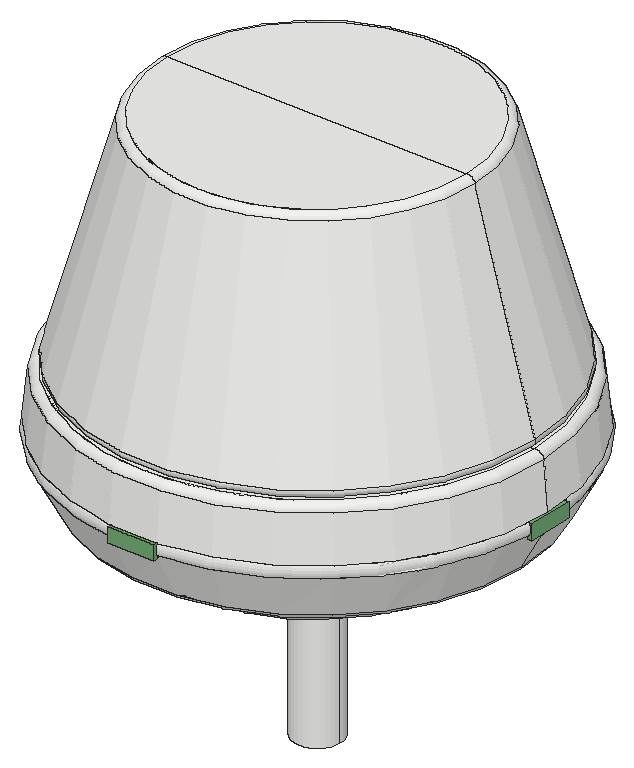
Revit family "Electronics_Huddle-Room-Solutions_Biamp_Devio_Beamtracking-Ceiling-Microphone_DCM-1__", category Communication Devices, host Face, Revit 2020
Family settings
  Host = Face
  Maintain Annotation Orientation = No
  Round Connector Dimension = Use Diameter
  Part Type = Normal
  OmniClass Number = 23.85.10.11.14.14.11
  OmniClass Title = Microphones
  Cut with Voids When Loaded = No
  Shared = No
  Room Calculation Point = No
Parameters (values of type "DCM-1 White")
  Width = 0' - 4"  # constant formula
  Weight = 0.86 lbf  # constant formula
  URL = "https://www.biamp.com/"
  Temperature Range = "32 - 104° F (0 - 40° C)"  # constant formula
  Sensitivity = "94 dB SPL, 1 kHz: > 70 dB, A-Weighted"  # constant formula
  Selectable Elevation Modes = "4 modes: multiple 30° selections"  # constant formula
  Product data url = "https://www.bimobject.com/biamp/product/dcm-1_huddle-room-solution"
  Product Page URL = "https://www.biamp.com/products/product-families/devio/huddle-room-solutions#dcm-1"
  Product Documentation Link = "https://downloads.biamp.com/assets/docs/default-source/data-sheets/biamp_data_sheet_devio_dcm1_nov18.pdf"
  Power = "< 1 W, phantom powered from plenum box"  # constant formula
  Polar Pattern = "Active Beamformed"  # constant formula
  Model = "Devio DCM-1"  # constant formula
  Microphone Technology = "8-Element Digital Array"  # constant formula
  Maximum SPL = "0.5% THD: 106 dB SPL"  # constant formula
  Manufacturer = "Biamp"  # constant formula
  Indicators = "Mute Indicator (Green/Red LED)"  # constant formula
  Humidity = "0-95% relative humidity (non-condensing)"  # constant formula
  Housing Material = Biamp - Plastic - White
  Height = 0' - 2"  # constant formula
  Grill Material = Biamp - Grill - White
  Frequency Response = "150 Hz - 16 kHz: ± 3 dB"  # constant formula
  Dynamic Range = "THD+N < 10%: 92 dB, A-Weighted"  # constant formula
  Digital Interface = "Custom/Proprietary"  # constant formula
  Description = "Devio® DCM-1 Beamtracking™ Ceiling Microphone"  # constant formula
  Depth = 0' - 5.4"  # constant formula
  Default Elevation = 4' - 0"
  Connector = "Custom 2-pin (cable length 10 feet [3 meters])"  # constant formula
  Cable Length MAX [instance] = 10' - 0"  # constant formula
  Cable Length [instance] = 0' - 1"
  Automatic Noise Suppression = "4 modes: Of, Low (Default), Medium, High"  # constant formula
  Altitude = "0-6,600 ft (0-2000m) MSL"  # constant formula
  Adjustable Length (Real) [instance] = if(Cable Length < 0' 0 109/128", 0' 0 109/128", if(Cable Length > Cable Length MAX, Cable Length MAX, Cable Length))  # 0' - 1"
Types (3): name | Housing Material | Grill Material
  (no name) | Biamp - Plastic - White | Biamp - Grill - White
  DCM-1 Black | Biamp - Plastic - Black | Biamp - Grill - Black
  DCM-1 White | Biamp - Plastic - White | Biamp - Grill - White
Reference planes (in)
  plane 1 "Center (Front/Back)": y = 0
  plane 2: z = 0
  plane 3 "Center (Left/Right)": x = 0
  plane 4: z = 3
  plane 5: z = 1
  plane 6 "2": z = 1.51524
  plane 7 "1": z = 1.43635
Forms (in)
  Revolve 1, solid, material "Biamp - Plastic - White" <- "Housing Material", detail levels fine
    sketch origin (0, 0, 0) x (1, 0, 0) y (0, 0, 1)
      loop
        line (0, 0) -> (0, 1) -> (-0.29687, 1)
        arc (-0.29687, 1) -> (-0.28617, 0.93569) -> (-0.22801, 0.90625) r 0.07217
        line (-0.22801, 0.90625) -> (-0.16996, 0.90625)
        arc (-0.16996, 0.90625) -> (-0.13751, 0.8932) -> (-0.12313, 0.86133) r 0.04688
        line (-0.12313, 0.86133) -> (-0.12313, 0) -> (0, 0)
      axis (0, 0) -> (0, 1)
    angle from 0 to 360
  Revolve 2, solid, material "Biamp - Grill - White" <- "Grill Material", detail levels fine
    sketch origin (0, 0, 0) x (1, 0, 0) y (0, 0, 1)
      loop
        line (0, 1) -> (0, 1.17187) -> (-1.0625, 1.17187) -> (-0.83755, 1.02632)
        arc (-0.83755, 1.02632) -> (-0.79489, 1.00672) -> (-0.74843, 1) r 0.16404
        line (-0.74843, 1) -> (0, 1)
      axis (0, 1) -> (0, 1.17187)
    angle from 0 to 360
  Revolve 3, solid, material "Biamp - Plastic - White" <- "Housing Material", detail levels fine
    sketch origin (0, 0, 0) x (1, 0, 0) y (0, 0, 1)
      loop
        line (0, 1.17187) -> (0, 1.79687) -> (-1.17814, 1.79687)
        arc (-1.17814, 1.79687) -> (-1.20833, 1.78529) -> (-1.22304, 1.75649) r 0.04515
        line (-1.22304, 1.75649) -> (-1.24865, 1.51524)
        arc (-1.24865, 1.51524) -> (-1.25658, 1.48437) -> (-1.24865, 1.45351) r 0.06405
        line (-1.24865, 1.45351) -> (-1.10822, 1.19818)
        arc (-1.10822, 1.19818) -> (-1.08957, 1.17894) -> (-1.06372, 1.17187) r 0.05078
        line (-1.06372, 1.17187) -> (0, 1.17187)
      axis (0, 1.17187) -> (0, 1.79687)
    angle from 0 to 360
  Revolve 4, solid, material "Biamp - Grill - White" <- "Grill Material", detail levels fine
    sketch origin (0, 0, 0) x (1, 0, 0) y (0, 0, 1)
      loop
        line (0, 1.79687) -> (0, 2.99759) -> (-0.81022, 2.99759)
        arc (-0.81022, 2.99759) -> (-0.83717, 2.98871) -> (-0.85355, 2.96553) r 0.0453
        line (-0.85355, 2.96553) -> (-1.17465, 1.83893)
        arc (-1.17465, 1.83893) -> (-1.16969, 1.81006) -> (-1.14352, 1.79687) r 0.03255
        line (-1.14352, 1.79687) -> (0, 1.79687)
      axis (0, 1.79687) -> (0, 2.99759)
    angle from 0 to 360
  Extrusion 5, solid, material "Biamp - Plastic - Green", detail levels fine
    sketch origin (0, 0.125, 1.42314) x (0.000001, -1, 0) y (1, 0.000001, 0)
      loop
        arc (0.25, 1.26093) -> (0.125, 1.26725) -> (0, 1.26102) r 1.24865
        line (0, 1.26102) -> (0, 1.20667) -> (0.25, 1.20667) -> (0.25, 1.26093)
    from 0.01321 to 0.0921
  Revolve 6, solid, material "Biamp - Plastic - White" <- "Housing Material", detail levels medium
    sketch origin (0, 0, 0) x (1, 0, 0) y (0, 0, 1)
      loop
        line (0, 1) -> (-0.30078, 1) -> (-0.30078, 0.90579) -> (-0.12383, 0.90579) -> (-0.12383, 0) -> (0, 0) -> (0, 1)
      axis (0, 0) -> (0, 1)
    angle from 0 to 360
  Revolve 7, solid, material "Biamp - Plastic - White" <- "Housing Material", detail levels medium
    sketch origin (0, 0, 0) x (1, 0, 0) y (0, 0, 1)
      loop
        line (0, 1) -> (0, 3) -> (-0.84125, 3) -> (-1.17754, 1.82431) -> (-1.0625, 1.17187) -> (-0.79784, 1) -> (0, 1)
      axis (0, 3) -> (0, 1)
    angle from 0 to 360
  Revolve 8, solid, material "Biamp - Plastic - White" <- "Housing Material", detail levels medium
    sketch origin (0, 0, 0) x (1, 0, 0) y (0, 0, 1)
      loop
        line (0, 1.17187) -> (0, 1.79632) -> (-1.22406, 1.79632) -> (-1.24865, 1.51524) -> (-1.0625, 1.17187) -> (0, 1.17187)
      axis (0, 1.17187) -> (0, 1.79632)
    angle from 0 to 360
  Revolve 9, solid, material "Biamp - Plastic - White" <- "Housing Material", detail levels coarse
    sketch origin (0, 0, 0) x (1, 0, 0) y (0, 0, 1)
      loop
        line (0, 1) -> (0, 3) -> (-0.84125, 3) -> (-1.24865, 1.51524) -> (-0.79784, 1) -> (0, 1)
      axis (0, 3) -> (0, 1)
    angle from 0 to 360
  Revolve 10, solid, material "Biamp - Plastic - White" <- "Housing Material", detail levels coarse
    sketch origin (0, 0, 0) x (1, 0, 0) y (0, 0, 1)
      loop
        line (0, 0) -> (0, 1) -> (-0.11955, 1) -> (-0.11955, 0) -> (0, 0)
      axis (0, 0) -> (0, 1)
    angle from 0 to 360
  Extrusion 11, void
    sketch origin (0, 0.125, 1.51524) x (1, 0.000001, 0) y (0.000001, -1, 0)
      loop
        line (1.26832, 0.25) -> (1.20667, 0.25) -> (1.20667, 0) -> (1.26814, 0)
        arc (1.26814, 0) -> (1.2745, 0.125) -> (1.26832, 0.25) r 1.24865
      loop
        line (-1.20667, 0.25) -> (-1.26832, 0.25)
        arc (-1.26832, 0.25) -> (-1.2745, 0.12499) -> (-1.26814, 0) r 1.24865
        line (-1.26814, 0) -> (-1.20667, 0) -> (-1.20667, 0.25)
    from 0 to 0.07889
  Extrusion 12, solid, material "Biamp - Plastic - Green", detail levels fine
    sketch origin (0.125, 0, 1.42314) x (-1, -0.000001, 0) y (0.000001, -1, 0)
      loop
        arc (0.25, 1.26093) -> (0.125, 1.26725) -> (0, 1.26102) r 1.24865
        line (0, 1.26102) -> (0, 1.20667) -> (0.25, 1.20667) -> (0.25, 1.26093)
    from 0.01321 to 0.0921
  Extrusion 13, void
    sketch origin (0.125, 0, 1.51524) x (0.000001, -1, 0) y (-1, -0.000001, 0)
      loop
        line (1.26832, 0.25) -> (1.20667, 0.25) -> (1.20667, 0) -> (1.26814, 0)
        arc (1.26814, 0) -> (1.2745, 0.125) -> (1.26832, 0.25) r 1.24865
    from 0 to 0.0682
  Extrusion 14, solid, material "Biamp - Plastic - Green", detail levels fine
    sketch origin (0, -0.125, 1.42314) x (-0.000001, 1, 0) y (-1, -0.000001, 0)
      loop
        arc (0.25, 1.26093) -> (0.125, 1.26725) -> (0, 1.26102) r 1.24865
        line (0, 1.26102) -> (0, 1.20667) -> (0.25, 1.20667) -> (0.25, 1.26093)
    from 0.01321 to 0.0921
  Extrusion 15, solid, material "Biamp - Plastic - Green", detail levels fine
    sketch origin (-0.125, 0, 1.42314) x (1, 0.000001, 0) y (-0.000001, 1, 0)
      loop
        arc (0.25, 1.26093) -> (0.125, 1.26725) -> (0, 1.26102) r 1.24865
        line (0, 1.26102) -> (0, 1.20667) -> (0.25, 1.20667) -> (0.25, 1.26093)
    from 0.01321 to 0.0921
  Extrusion 16, void
    sketch origin (-0.125, 0, 1.51524) x (-0.000001, 1, 0) y (1, 0.000001, 0)
      loop
        line (1.26832, 0.25) -> (1.20667, 0.25) -> (1.20667, 0) -> (1.26814, 0)
        arc (1.26814, 0) -> (1.2745, 0.125) -> (1.26832, 0.25) r 1.24865
    from 0 to 0.07889
Cuts and joins
  Extrusion 11, Extrusion 13, Extrusion 16 cuts Revolve 9
  Extrusion 11, Extrusion 13, Extrusion 16 cuts Revolve 3
  Extrusion 13 cuts Extrusion 5
Lines and regions (in)
  Masking region 1
    outline origin (0.125, 0, 1.42314) x (-1, 0, 0) y (0, -1, 0)
      loop
        circle (0.125, 0) r 1.26725
  symbolic lines, style "CommunicationDevices"
    curve 1: circle (0, 0, 1.42314) r 1.24865 normal (0, 0, 1)
  symbolic lines
    curve 2: circle (0, 0, 1.42314) r 1.17465 normal (0, 0, 1)
    curve 3: circle (0, 0, 1.42314) r 0.85355 normal (0, 0, 1)
Dimensions and locks (in)
  "Height": plane 5 to plane 4
  "Adjustable Length (Real)": level to plane 5
  locked: plane 7 "1" to plane 6 "2" at 0.07889
  locked: plane 5 to plane 7 "1" at 0.43635
  aligned and locked: plane 2 to host face
  aligned and locked: level to host face
  aligned and locked: Revolve 1 to level
  aligned and locked: plane 6 "2" to Extrusion 15
  aligned and locked: Extrusion 15 to plane 7 "1"
  aligned and locked: plane 6 "2" to cut or joined group of Extrusion 5, Extrusion 13
  aligned and locked: Extrusion 11 to cut or joined group of Revolve 3, Extrusion 11, Extrusion 13, Extrusion 16
  aligned and locked: plane 6 "2" to Extrusion 14
  aligned and locked: Extrusion 14 to plane 7 "1"
  aligned and locked: plane 6 "2" to Extrusion 12
  aligned and locked: Extrusion 12 to plane 7 "1"
  aligned and locked: cut or joined group of Extrusion 5, Extrusion 13 to plane 7 "1"
Automatic sketch dimensions
  host sketch curve to host sketch curve = 8' - 0"  (x2)
  Revolve 2 sketch curve to plane 5 = 0' - 0"  (x2)
  Revolve 2 sketch curve to plane 3 "Center (Left/Right)" = 0' - 0"  (x2)
  plane 5 to Revolve 2 sketch curve = 0' - 0.16404"
  Revolve 2 sketch curve to plane 3 "Center (Left/Right)" = 0' - 0.74843"
  plane 5 to Revolve 2 sketch curve = 0' - 0.02632"
  plane 5 to Revolve 2 sketch curve = 0' - 0 11/64"
  Revolve 2 sketch curve to Revolve 2 sketch curve = 0' - 0.22495"
  Revolve 2 sketch curve to plane 4 = 0' - 0.84153"
  Revolve 3 sketch curve to plane 3 "Center (Left/Right)" = 0' - 0"  (x2)
  plane 5 to Revolve 3 sketch curve = 0' - 0 57/256"
  Revolve 3 sketch curve to plane 3 "Center (Left/Right)" = 0' - 1.06372"
  plane 5 to Revolve 3 sketch curve = 0' - 0.19818"
  Revolve 3 sketch curve to Revolve 3 sketch curve = 0' - 0.0445"
  Revolve 3 sketch curve to Revolve 3 sketch curve = 0' - 0.11441"
  Revolve 3 sketch curve to Revolve 3 sketch curve = 0' - 0.01438"
  plane 5 to Revolve 3 sketch curve = 0' - 0.75649"
  Revolve 3 sketch curve to Revolve 3 sketch curve = 0' - 0.0449"
  plane 5 to Revolve 3 sketch curve = 0' - 0.51524"
  Revolve 3 sketch curve to Revolve 3 sketch curve = 0' - 0.05612"
  plane 5 to Revolve 3 sketch curve = 0' - 0.45351"
  Revolve 3 sketch curve to Revolve 3 sketch curve = 0' - 0"  (x3)
  Revolve 3 sketch curve to Revolve 3 sketch curve = 0' - 0.00477"
  Revolve 4 sketch curve to plane 3 "Center (Left/Right)" = 0' - 0"  (x2)
  Revolve 4 sketch curve to plane 4 = 0' - 0.00241"
  Revolve 4 sketch curve to Revolve 4 sketch curve = 0' - 0.81022"
  Revolve 4 sketch curve to plane 4 = 0' - 0.03447"
  Revolve 4 sketch curve to Revolve 4 sketch curve = 0' - 0.04332"
  Revolve 4 sketch curve to Revolve 4 sketch curve = 0' - 0.3333"
  Revolve 4 sketch curve to Revolve 4 sketch curve = 0' - 0.03113"
  plane 5 to Revolve 4 sketch curve = 0' - 0.83893"
  Revolve 4 sketch curve to Revolve 4 sketch curve = 0' - 0.00951"
  Revolve 4 sketch curve to Revolve 4 sketch curve = 0' - 0"  (x2)
  Extrusion 5 sketch curve to plane 1 "Center (Front/Back)" = 0' - 0 1/8"
  Extrusion 5 sketch curve to plane 1 "Center (Front/Back)" = 0' - 0.00044"
  plane 1 "Center (Front/Back)" to Extrusion 5 sketch curve = 0' - 0 1/8"
  plane 3 "Center (Left/Right)" to Extrusion 5 sketch curve = 0' - 0.0186"
  Extrusion 5 sketch curve to Extrusion 5 sketch curve = 0' - 1.18807"
  Extrusion 5 sketch curve to Extrusion 5 sketch curve = 0' - 0.05426"
  Revolve 7 sketch curve to plane 4 = 0' - 0"  (x2)
  Revolve 7 sketch curve to plane 5 = 0' - 0"  (x2)
  Revolve 7 sketch curve to plane 3 "Center (Left/Right)" = 0' - 0"  (x2)
  Revolve 7 sketch curve to Revolve 7 sketch curve = 0' - 0.79784"
  Revolve 7 sketch curve to Revolve 7 sketch curve = 0' - 0.84125"
  plane 5 to Revolve 7 sketch curve = 0' - 0 11/64"
  Revolve 7 sketch curve to Revolve 7 sketch curve = 0' - 0.26466"
  Revolve 7 sketch curve to Revolve 7 sketch curve = 0' - 0.11504"
  Revolve 7 sketch curve to Revolve 7 sketch curve = 0' - 0.65244"
  Revolve 8 sketch curve to plane 3 "Center (Left/Right)" = 0' - 0"  (x2)
  plane 5 to Revolve 8 sketch curve = 0' - 0 11/64"
  Revolve 8 sketch curve to Revolve 8 sketch curve = 0' - 1 1/16"
  Revolve 8 sketch curve to Revolve 8 sketch curve = 0' - 0.16156"
  plane 5 to Revolve 8 sketch curve = 0' - 0.51524"
  Revolve 8 sketch curve to Revolve 8 sketch curve = 0' - 0.02459"
  Revolve 8 sketch curve to Revolve 8 sketch curve = 0' - 0.28108"
  Revolve 8 sketch curve to Revolve 8 sketch curve = 0' - 0"  (x2)
  Revolve 9 sketch curve to plane 4 = 0' - 0"  (x2)
  Revolve 9 sketch curve to plane 5 = 0' - 0"  (x2)
  Revolve 9 sketch curve to plane 3 "Center (Left/Right)" = 0' - 0"  (x2)
  Revolve 9 sketch curve to Revolve 9 sketch curve = 0' - 0.79784"
  Revolve 9 sketch curve to Revolve 9 sketch curve = 0' - 0.84125"
  plane 5 to Revolve 9 sketch curve = 0' - 0.51524"
  Revolve 9 sketch curve to Revolve 9 sketch curve = 0' - 0.45081"
  Revolve 10 sketch curve to plane 5 = 0' - 0"  (x2)
  Revolve 10 sketch curve to level = 0' - 0"  (x2)
  Revolve 10 sketch curve to plane 3 "Center (Left/Right)" = 0' - 0"  (x2)
  Revolve 10 sketch curve to Revolve 10 sketch curve = 0' - 0.11955"
  curve 1 to curve 2 = 0' - 0"  (x2)
  curve 2 to curve 3 = 0' - 0"  (x2)
  plane 1 "Center (Front/Back)" to curve 1 = 0' - 0"
  curve 1 to plane 3 "Center (Left/Right)" = 0' - 0"
  plane 3 "Center (Left/Right)" to Extrusion 12 sketch curve = 0' - 0 1/8"
  plane 3 "Center (Left/Right)" to Extrusion 12 sketch curve = 0' - 0.00044"
  Extrusion 12 sketch curve to plane 3 "Center (Left/Right)" = 0' - 0 1/8"
  plane 1 "Center (Front/Back)" to Extrusion 12 sketch curve = 0' - 0.0186"
  Extrusion 12 sketch curve to Extrusion 12 sketch curve = 0' - 1.18807"
  Extrusion 12 sketch curve to Extrusion 12 sketch curve = 0' - 0.05426"
  Extrusion 13 sketch curve to Extrusion 12 = 0' - 0"  (x2)
  Extrusion 12 to Extrusion 13 sketch curve = 0' - 0"
  Extrusion 13 sketch curve to Extrusion 12 = 0' - 0.12408"
  Extrusion 12 to Extrusion 13 sketch curve = 0' - 1.18082"
  Extrusion 13 sketch curve to Extrusion 12 = 0' - 0.06146"
  plane 1 "Center (Front/Back)" to Extrusion 14 sketch curve = 0' - 0 1/8"
  plane 1 "Center (Front/Back)" to Extrusion 14 sketch curve = 0' - 0.00044"
  Extrusion 14 sketch curve to plane 1 "Center (Front/Back)" = 0' - 0 1/8"
  Extrusion 14 sketch curve to plane 3 "Center (Left/Right)" = 0' - 0.0186"
  Extrusion 14 sketch curve to Extrusion 14 sketch curve = 0' - 1.18807"
  Extrusion 14 sketch curve to Extrusion 14 sketch curve = 0' - 0.05426"
  Extrusion 15 sketch curve to plane 3 "Center (Left/Right)" = 0' - 0 1/8"
  Extrusion 15 sketch curve to plane 3 "Center (Left/Right)" = 0' - 0.00044"
  plane 3 "Center (Left/Right)" to Extrusion 15 sketch curve = 0' - 0 1/8"
  Extrusion 15 sketch curve to plane 1 "Center (Front/Back)" = 0' - 0.0186"
  Extrusion 15 sketch curve to Extrusion 15 sketch curve = 0' - 1.18807"
  Extrusion 15 sketch curve to Extrusion 15 sketch curve = 0' - 0.05426"
  Extrusion 15 to Extrusion 16 sketch curve = 0' - 0"
  Extrusion 16 sketch curve to Extrusion 15 = 0' - 0"  (x2)
  Extrusion 16 sketch curve to Extrusion 15 = 0' - 0.12408"
  Extrusion 15 to Extrusion 16 sketch curve = 0' - 1.18082"
  Extrusion 16 sketch curve to Extrusion 16 sketch curve = 0' - 0.06146"
  Extrusion 5 to Extrusion 11 sketch curve = 0' - 0"  (x5)
  Extrusion 11 sketch curve to Extrusion 5 = 0' - 0.12408"
  Extrusion 5 to Extrusion 11 sketch curve = 0' - 1.18082"
  Extrusion 11 sketch curve to Extrusion 11 sketch curve = 0' - 0.05171"
  Extrusion 11 sketch curve to Extrusion 11 sketch curve = 0' - 0.06146"
  Extrusion 11 sketch curve to Extrusion 5 = 0' - 0.06146"
  Extrusion 11 sketch curve to Extrusion 11 sketch curve = 0' - 0"
  Extrusion 11 sketch curve to Extrusion 5 = 0' - 0"  (x2)
  Extrusion 11 sketch curve to Extrusion 11 sketch curve = 0' - 0.06165"
  Revolve 1 sketch curve to plane 5 = 0' - 0"  (x2)
  Revolve 1 sketch curve to level = 0' - 0"  (x2)
  Revolve 1 sketch curve to plane 3 "Center (Left/Right)" = 0' - 0"  (x2)
  Revolve 1 sketch curve to plane 5 = 0' - 0.02158"
  Revolve 1 sketch curve to Revolve 1 sketch curve = 0' - 0.05805"
  Revolve 1 sketch curve to Revolve 1 sketch curve = 0' - 0.06886"
  Revolve 1 sketch curve to Revolve 1 sketch curve = 0' - 0 3/64"
  Revolve 1 sketch curve to Revolve 1 sketch curve = 0' - 0.12313"
  Revolve 1 sketch curve to Revolve 1 sketch curve = 0' - 0.04683"
  Revolve 6 sketch curve to plane 5 = 0' - 0"  (x2)
  Revolve 6 sketch curve to level = 0' - 0"  (x2)
  Revolve 6 sketch curve to plane 3 "Center (Left/Right)" = 0' - 0"  (x2)
  Revolve 6 sketch curve to plane 5 = 0' - 0.09421"
  Revolve 6 sketch curve to plane 3 "Center (Left/Right)" = 0' - 0 77/256"
  Revolve 6 sketch curve to Revolve 6 sketch curve = 0' - 0.12383"
  plane 1 "Center (Front/Back)" to Masking region 1 sketch curve = 0' - 0"
  Masking region 1 sketch curve to plane 3 "Center (Left/Right)" = 0' - 0"
  radius of curve 2 = 0' - 1.17465"
  radius of curve 3 = 0' - 0.85355"
  radius of Masking region 1 sketch curve = 0' - 1.26725"
  radius of curve 1 = 0' - 1.24865"
